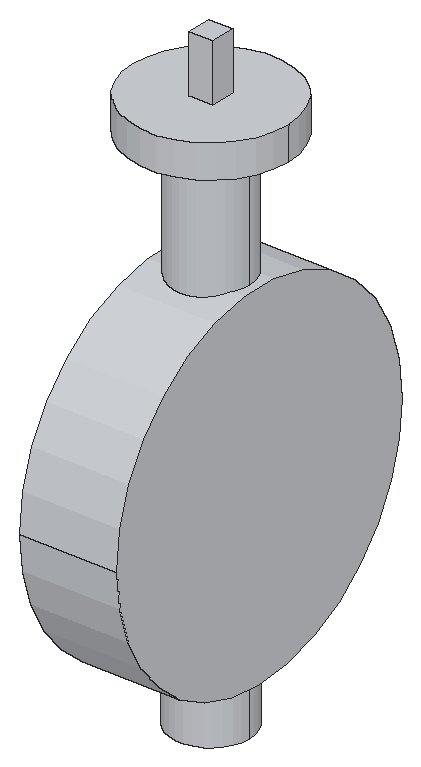
Revit family "HS497-68_disk-nerez_volné vřeteno DN150-RFA_2019", category Pipe Accessories, Revit 2019
Family settings
  Round Connector Dimension = Use Diameter
  Part Type = Valve - Breaks Into
  Work Plane-Based = No
  Always vertical = Yes
  Cut with Voids When Loaded = No
  Shared = No
Parameters (values of type "HS 497-68_DN150_PN16_volné vřeteno")
  magiProductId = "50c80cb8ab434f55ab7796e5ac1331"
  magiProductFamilyId = "53cea81e6f374d17b8841d9c72ad77"
  magiPartTypeId = 305
  isMeasuringValve [instance] = no
  ang2D [instance] = 0.00°
  X11 = 61.456 mm
  X1 = 25.456 mm
  W2D = 1000 mm
  VersionID = "2.0/2017.9.26.1/ZETKAMA_497_001"
  Use Minimum Symbol Size [instance] = yes
  URL = "http://www.hydronic.cz"
  Type Comments = "mezipřírubová; nerezový disk; PN16; -10~+110°C (krátkodobě +120°C)"
  SW30 = no
  SW3 = no
  SW21 = no
  SW20 = no
  SW2 = no
  SW1 = yes
  R = 75 mm
  QmdConnectorList = "301;D;302;D"
  Productdata [instance] = ""
  NC = 50 mm
  Manufacturer = "Hydronic Systems Prague s.r.o."
  MM20 = 25.456 mm
  MC Product Code = "124 150 (nerezový disk, s volným vřetenem; DN150; PN16, kvs1347)"
  M41 = 66 mm
  M4 = 44 mm
  LHL = 220 mm
  LHH3 = 2.45 mm
  LHH1 = 46.55 mm
  LH1 = 73.333 mm
  L4R__ve = -L4R  # -12.8 mm
  L4R = 12.8 mm
  L42__ve = -L42  # -96 mm
  L42 = 96 mm
  L41__ve = -L41  # -19.2 mm
  L41 = 19.2 mm
  L2D_Min = 3048 mm
  L2D = 216 mm
  L2 = 28 mm
  L1 = 44.8 mm
  L = 56 mm
  H = 33 mm
  G22 = 11.25 mm
  G2 = 22.5 mm
  G1 = 90 mm
  G = 90 mm
  F = 14 mm
  E44 = 31.25 mm
  E42 = 62.5 mm
  E4 = 125 mm
  E23 = 4.9 mm
  E22 = 19.6 mm
  E21 = 9.8 mm
  Description = "Mezipřírubová uzavírací klapka s volným vřetenem; nerezový disk, DN150; PN16; kvs1347"
  DR2 = 75 mm
  DR = 206 mm
  DD1 = 15.625 mm
  DD = 12.5 mm
  D = 150 mm
  CAT0 = yes
  B2__ve = -B2  # -58 mm
  B2 = 58 mm
  A2 = 19.3 mm
  A1 = 98.7 mm
Types (43, lengths in mm): name | magiProductId | X11 | X1 | Type Comments | SW30 | SW3 | SW20 | SW2 | SW1 | R | NC | Manufacturer | MM20 | MC Product Code | M41 | M4 | LHL | LHH3 | LHH1 | LH1 | L4R__ve | L4R | L42__ve | L42 | L41__ve | L41 | L2 | L1 | L | H | G | F | E44 | E42 | E4 | E23 | E22 | E21 | Description | DR2 | DR | DD1 | DD | D | B2__ve | B2 | A2 | A1
  HS 497-68_DN100_PN16_volné vřeteno | "65d1b245f4f142c78569c0602d5754" | 61.456 | 25.456 | "mezipřírubová; nerezový disk; PN16; -10~+110°C (krátkodobě +120°C)" | no | no | no | no | yes | 50 | 50 | "Hydronic Systems Prague s.r.o." | 25.456 | "124 100 (nerezový disk, s volným vřetenem; DN100; PN16, kvs512)" | 66 | 44 | 220 | 2.45 | 46.55 | 73.333 | -12.8 | 12.8 | -96 | 96 | -19.2 | 19.2 | 26 | 41.6 | 52 | 30 | 90 | 11 | 31.25 | 62.5 | 125 | 4.9 | 19.6 | 9.8 | "Mezipřírubová uzavírací klapka s volným vřetenem; nerezový disk, DN100; PN16; kvs512" | 50 | 147 | 15.625 | 12.5 | 100 | -56 | 56 | 16.5 | 98.5
  HS 497-68_DN100_PN16_převodové kolo | "11e91b807e674d428c8e796fcdcfe2" | 61.456 | 25.456 | "mezipřírubová; nerezový disk; PN16; -10~+110°C (krátkodobě +120°C)" | yes | yes | no | no | no | 50 | 50 | "Hydronic Systems Prague s.r.o." | 25.456 | "126 100 (nerezový disk, s převodovým kolem; DN100; PN16, kvs512)" | 65.25 | 43.5 | 220 | 2.45 | 46.55 | 73.333 | -12.8 | 12.8 | -96 | 96 | -19.2 | 19.2 | 26 | 41.6 | 52 | 30 | 90 | 11 | 31.25 | 62.5 | 125 | 4.9 | 19.6 | 9.8 | "Mezipřírubová uzavírací klapka s převodovým kolem; nerezový disk, DN100; PN16; kvs512" | 50 | 147 | 15.625 | 12.5 | 100 | -56 | 56 | 16.5 | 98.5
  HS 497-68_DN100_PN16_s pákou | "28172f0b3f4b47b28323ac71cf8749" | 61.456 | 25.456 | "mezipřírubová; nerezový disk; PN16; -10~+110°C (krátkodobě +120°C)" | no | no | yes | yes | no | 50 | 50 | "Hydronic Systems Prague s.r.o." | 25.456 | "121 100 (nerezový disk, s pákou; DN100; PN16, kvs512)" | 66 | 44 | 260 | 3 | 57 | 86.667 | -12.8 | 12.8 | -96 | 96 | -19.2 | 19.2 | 26 | 41.6 | 52 | 30 | 90 | 11 | 31.25 | 62.5 | 125 | 6 | 24 | 12 | "Mezipřírubová uzavírací klapka s pákou; nerezový disk, DN100; PN16; kvs512" | 50 | 147 | 15.625 | 12.5 | 100 | -56 | 56 | 16.5 | 98.5
  HS 497-68_DN125_PN16_volné vřeteno | "0d813d910fc14f628bb3c2efbd185c" | 61.456 | 25.456 | "mezipřírubová; nerezový disk; PN16; -10~+110°C (krátkodobě +120°C)" | no | no | no | no | yes | 62.5 | 50 | "Hydronic Systems Prague s.r.o." | 25.456 | "124 125 (nerezový disk, s volným vřetenem; DN125; PN16, kvs872)" | 66 | 44 | 220 | 2.45 | 46.55 | 73.333 | -12.8 | 12.8 | -96 | 96 | -19.2 | 19.2 | 28 | 44.8 | 56 | 33 | 90 | 14 | 31.25 | 62.5 | 125 | 4.9 | 19.6 | 9.8 | "Mezipřírubová uzavírací klapka s volným vřetenem; nerezový disk, DN125; PN16; kvs872" | 62.5 | 180 | 15.625 | 12.5 | 125 | -64 | 64 | 18 | 99.5
  HS 497-68_DN125_PN16_převodové kolo | "c56b7c13f372467684996fb1e0e229" | 61.456 | 25.456 | "mezipřírubová; nerezový disk; PN16; -10~+110°C (krátkodobě +120°C)" | yes | yes | no | no | no | 62.5 | 50 | "Hydronic Systems Prague s.r.o." | 25.456 | "126125 (nerezový disk, s převodovým kolem; DN125; PN16, kvs872)" | 65.25 | 43.5 | 220 | 2.45 | 46.55 | 73.333 | -13.5 | 13.5 | -101.25 | 101.25 | -20.25 | 20.25 | 28 | 44.8 | 56 | 33 | 90 | 14 | 40 | 80 | 160 | 4.9 | 19.6 | 9.8 | "Mezipřírubová uzavírací klapka s převodovým kolem; nerezový disk, DN125; PN16; kvs872" | 62.5 | 180 | 20 | 16 | 125 | -64 | 64 | 18 | 99.5
  HS 497-68_DN125_PN16_s pákou | "105993c79a91492399feef7931321a" | 61.456 | 25.456 | "mezipřírubová; nerezový disk; PN16; -10~+110°C (krátkodobě +120°C)" | no | no | yes | yes | no | 62.5 | 50 | "Hydronic Systems Prague s.r.o." | 25.456 | "121 125 (nerezový disk, s pákou; DN125; PN16, kvs872)" | 66 | 44 | 315 | 3.75 | 71.25 | 105 | -12.8 | 12.8 | -96 | 96 | -19.2 | 19.2 | 28 | 44.8 | 56 | 33 | 90 | 14 | 31.25 | 62.5 | 125 | 7.5 | 30 | 15 | "Mezipřírubová uzavírací klapka s pákou; nerezový disk, DN125; PN16; kvs872" | 62.5 | 180 | 15.625 | 12.5 | 125 | -64 | 64 | 18 | 99.5
  HS 497-68_DN150_PN16_volné vřeteno | "50c80cb8ab434f55ab7796e5ac1331" | 61.456 | 25.456 | "mezipřírubová; nerezový disk; PN16; -10~+110°C (krátkodobě +120°C)" | no | no | no | no | yes | 75 | 50 | "Hydronic Systems Prague s.r.o." | 25.456 | "124 150 (nerezový disk, s volným vřetenem; DN150; PN16, kvs1347)" | 66 | 44 | 220 | 2.45 | 46.55 | 73.333 | -12.8 | 12.8 | -96 | 96 | -19.2 | 19.2 | 28 | 44.8 | 56 | 33 | 90 | 14 | 31.25 | 62.5 | 125 | 4.9 | 19.6 | 9.8 | "Mezipřírubová uzavírací klapka s volným vřetenem; nerezový disk, DN150; PN16; kvs1347" | 75 | 206 | 15.625 | 12.5 | 150 | -58 | 58 | 19.3 | 98.7
  HS 497-68_DN150_PN16_převodové kolo | "d94a1a0cf83b476eb10011b327f709" | 61.456 | 25.456 | "mezipřírubová; nerezový disk; PN16; -10~+110°C (krátkodobě +120°C)" | yes | yes | no | no | no | 75 | 50 | "Hydronic Systems Prague s.r.o." | 25.456 | "126 150 (nerezový disk, s převodovým kolem; DN150; PN16, kvs1347)" | 65.25 | 43.5 | 220 | 2.45 | 46.55 | 73.333 | -13.5 | 13.5 | -101.25 | 101.25 | -20.25 | 20.25 | 28 | 44.8 | 56 | 33 | 90 | 14 | 40 | 80 | 160 | 4.9 | 19.6 | 9.8 | "Mezipřírubová uzavírací klapka s převodovým kolem; nerezový disk, DN150; PN16; kvs1347" | 75 | 206 | 20 | 16 | 150 | -58 | 58 | 19.3 | 98.7
  HS 497-68_DN150_PN16_s pákou | "4d2835523fe84828bc50ff0a5a0dfb" | 61.456 | 25.456 | "mezipřírubová; nerezový disk; PN16; -10~+110°C (krátkodobě +120°C)" | no | no | yes | yes | no | 75 | 50 | "Hydronic Systems Prague s.r.o." | 25.456 | "121 150 (nerezový disk, s pákou; DN150; PN16, kvs1347)" | 66 | 44 | 315 | 3.75 | 71.25 | 105 | -12.8 | 12.8 | -96 | 96 | -19.2 | 19.2 | 28 | 44.8 | 56 | 33 | 90 | 14 | 31.25 | 62.5 | 125 | 7.5 | 30 | 15 | "Mezipřírubová uzavírací klapka s pákou; nerezový disk, DN150; PN16; kvs1347" | 75 | 206 | 15.625 | 12.5 | 150 | -58 | 58 | 19.3 | 98.7
  HS 497-68_DN200_PN16_volné vřeteno | "5b29029eaeba47139ee1055a4b9201" | 61.456 | 25.456 | "mezipřírubová; nerezový disk; PN16; -10~+110°C (krátkodobě +120°C)" | no | no | no | no | yes | 100 | 50 | "Hydronic Systems Prague s.r.o." | 25.456 | "124 200 (nerezový disk, s volným vřetenem; DN200; PN16, kvs2675)" | 66 | 44 | 220 | 2.45 | 46.55 | 73.333 | -12.8 | 12.8 | -96 | 96 | -19.2 | 19.2 | 30 | 48 | 60 | 33 | 90 | 17 | 31.25 | 62.5 | 125 | 4.9 | 19.6 | 9.8 | "Mezipřírubová uzavírací klapka s volným vřetenem; nerezový disk, DN200; PN16; kvs2675" | 100 | 257 | 15.625 | 12.5 | 200 | -70 | 70 | 22.5 | 102.5
  HS 497-68_DN200_PN16_převodové kolo | "b2793cc1fcc44cf2a35062cd67c04f" | 61.456 | 25.456 | "mezipřírubová; nerezový disk; PN16; -10~+110°C (krátkodobě +120°C)" | yes | yes | no | no | no | 100 | 57 | "Hydronic Systems Prague s.r.o." | 25.456 | "126 200 (nerezový disk, s převodovým kolem; DN200; PN16, kvs2675)" | 78.75 | 52.5 | 220 | 2.45 | 46.55 | 73.333 | -15.2 | 15.2 | -114 | 114 | -22.8 | 22.8 | 30 | 48 | 60 | 33 | 90 | 17 | 50 | 100 | 200 | 4.9 | 19.6 | 9.8 | "Mezipřírubová uzavírací klapka s převodovým kolem; nerezový disk, DN200; PN16; kvs2675" | 100 | 257 | 25 | 20 | 200 | -70 | 70 | 22.5 | 102.5
  HS 497-68_DN200_PN16_s pákou | "f88d96c7af224537a51e72d7d8fffe" | 61.456 | 25.456 | "mezipřírubová; nerezový disk; PN16; -10~+110°C (krátkodobě +120°C)" | no | no | yes | yes | no | 100 | 50 | "Hydronic Systems Prague s.r.o." | 25.456 | "121 200 (nerezový disk, s pákou; DN200; PN16, kvs2675)" | 66 | 44 | 315 | 3.75 | 71.25 | 105 | -12.8 | 12.8 | -96 | 96 | -19.2 | 19.2 | 30 | 48 | 60 | 33 | 90 | 17 | 31.25 | 62.5 | 125 | 7.5 | 30 | 15 | "Mezipřírubová uzavírací klapka s pákou; nerezový disk, DN200; PN16; kvs2675" | 100 | 257 | 15.625 | 12.5 | 200 | -70 | 70 | 22.5 | 102.5
  HS 497-68_DN250_PN16_volné vřeteno | "b662e8305ca2402b9c510e66e6aa55" | 88.77 | 36.77 | "mezipřírubová; nerezový disk; PN16; -10~+110°C (krátkodobě +120°C)" | no | no | no | no | yes | 125 | 50 | "Hydronic Systems Prague s.r.o." | 36.77 | "124 250 (nerezový disk, s volným vřetenem; DN250; PN16, kvs4555)" | 66 | 44 | 220 | 2.45 | 46.55 | 73.333 | -12.8 | 12.8 | -96 | 96 | -19.2 | 19.2 | 34 | 54.4 | 68 | 23 | 130 | 22 | 31.25 | 62.5 | 125 | 4.9 | 19.6 | 9.8 | "Mezipřírubová uzavírací klapka s volným vřetenem; nerezový disk, DN250; PN16; kvs4555" | 125 | 324 | 15.625 | 12.5 | 250 | -85 | 85 | 28.25 | 129.25
  HS 497-68_DN250_PN16_převodové kolo | "5ee9016806664ddfaa2632711f295c" | 88.77 | 36.77 | "mezipřírubová; nerezový disk; PN16; -10~+110°C (krátkodobě +120°C)" | yes | yes | no | no | no | 125 | 70 | "Hydronic Systems Prague s.r.o." | 36.77 | "126 250 (nerezový disk, s převodovým kolem; DN250; PN16, kvs4555)" | 91.5 | 61 | 220 | 2.45 | 46.55 | 73.333 | -22.2 | 22.2 | -166.5 | 166.5 | -33.3 | 33.3 | 34 | 54.4 | 68 | 23 | 130 | 22 | 62.5 | 125 | 250 | 4.9 | 19.6 | 9.8 | "Mezipřírubová uzavírací klapka s převodovým kolem; nerezový disk, DN250; PN16; kvs4555" | 125 | 324 | 31.25 | 25 | 250 | -85 | 85 | 28.25 | 129.25
  HS 497-68_DN300_PN16_volné vřeteno | "e1886f51ff004380a649519258edf2" | 88.77 | 36.77 | "mezipřírubová; nerezový disk; PN16; -10~+110°C (krátkodobě +120°C)" | no | no | no | no | yes | 150 | 50 | "Hydronic Systems Prague s.r.o." | 36.77 | "124 300 (nerezový disk, s volným vřetenem; DN300; PN16, kvs7037)" | 66 | 44 | 220 | 2.45 | 46.55 | 73.333 | -12.8 | 12.8 | -96 | 96 | -19.2 | 19.2 | 39 | 62.4 | 78 | 23 | 130 | 22 | 31.25 | 62.5 | 125 | 4.9 | 19.6 | 9.8 | "Mezipřírubová uzavírací klapka s volným vřetenem; nerezový disk, DN300; PN16; kvs7037" | 150 | 376 | 15.625 | 12.5 | 300 | -90 | 90 | 30.8 | 127.2
  HS 497-68_DN300_PN16_převodové kolo | "6860f094f77d42088fbebc3c97f755" | 88.77 | 36.77 | "mezipřírubová; nerezový disk; PN16; -10~+110°C (krátkodobě +120°C)" | yes | yes | no | no | no | 150 | 70 | "Hydronic Systems Prague s.r.o." | 36.77 | "126 300 (nerezový disk, s převodovým kolem; DN300; PN16, kvs7037)" | 91.5 | 61 | 220 | 2.45 | 46.55 | 73.333 | -22.2 | 22.2 | -166.5 | 166.5 | -33.3 | 33.3 | 39 | 62.4 | 78 | 23 | 130 | 22 | 62.5 | 125 | 250 | 4.9 | 19.6 | 9.8 | "Mezipřírubová uzavírací klapka s převodovým kolem; nerezový disk, DN300; PN16; kvs7037" | 150 | 376 | 31.25 | 25 | 300 | -90 | 90 | 30.8 | 127.2
  HS 497-68_DN032_PN16_volné vřeteno | "8c5f65de52aa4067a77564107e31b2" | 61.456 | 25.456 | "mezipřírubová; nerezový disk; PN16; -10~+110°C (krátkodobě +120°C)" | no | no | no | no | yes | 16 | 50 | "Hydronic Systems Prague s.r.o." | 25.456 | "124 032 (nerezový disk, s volným vřetenem; DN32; PN16, kvs78)" | 66 | 44 | 220 | 2.45 | 46.55 | 73.333 | -12.8 | 12.8 | -96 | 96 | -19.2 | 19.2 | 16.5 | 26.4 | 33 | 30 | 90 | 11 | 31.25 | 62.5 | 125 | 4.9 | 19.6 | 9.8 | "Mezipřírubová uzavírací klapka s volným vřetenem; nerezový disk, DN32; PN16; kvs78" | 16 | 68 | 15.625 | 12.5 | 32 | -44.2 | 44.2 | 10.25 | 76.25
  HS 497-68_DN032_PN16_převodové kolo | "60aaeffa8b3a4e809ef000e4660060" | 61.456 | 25.456 | "mezipřírubová; nerezový disk; PN16; -10~+110°C (krátkodobě +120°C)" | yes | yes | no | no | no | 16 | 50 | "Hydronic Systems Prague s.r.o." | 25.456 | "126 032 (nerezový disk, s převodovým kolem; DN32; PN16, kvs78)" | 65.25 | 43.5 | 220 | 2.45 | 46.55 | 73.333 | -12.8 | 12.8 | -96 | 96 | -19.2 | 19.2 | 16.5 | 26.4 | 33 | 30 | 90 | 11 | 31.25 | 62.5 | 125 | 4.9 | 19.6 | 9.8 | "Mezipřírubová uzavírací klapka s převodovým kolem; nerezový disk, DN32; PN16; kvs78" | 16 | 68 | 15.625 | 12.5 | 32 | -44.2 | 44.2 | 10.25 | 76.25
  HS 497-68_DN032_PN16_s pákou | "9ad8088d610749a1b871aa2aad8007" | 61.456 | 25.456 | "mezipřírubová; nerezový disk; PN16; -10~+110°C (krátkodobě +120°C)" | no | no | yes | yes | no | 16 | 50 | "Hydronic Systems Prague s.r.o." | 25.456 | "121 032 (nerezový disk, s pákou; DN32; PN16, kvs78)" | 66 | 44 | 220 | 2.45 | 46.55 | 73.333 | -12.8 | 12.8 | -96 | 96 | -19.2 | 19.2 | 16.5 | 26.4 | 33 | 30 | 90 | 11 | 31.25 | 62.5 | 125 | 4.9 | 19.6 | 9.8 | "Mezipřírubová uzavírací klapka s pákou; nerezový disk, DN32; PN16; kvs78" | 16 | 68 | 15.625 | 12.5 | 32 | -44.2 | 44.2 | 10.25 | 76.25
  HS 497-68_DN350_PN10_volné vřeteno | "72a1e05f22944421b7e9596a877137" | 109.255 | 45.255 | "mezipřírubová; nerezový disk; PN10; -10~+110°C (krátkodobě +120°C)" | no | no | no | no | yes | 175 | 50 | "Hydronic Systems Prague s.r.o." | 45.255 | "124 350 (nerezový disk, s volným vřetenem; DN350; PN10, kvs10165)" | 66 | 44 | 220 | 2.45 | 46.55 | 73.333 | -12.8 | 12.8 | -96 | 96 | -19.2 | 19.2 | 39 | 62.4 | 78 | 31 | 160 | 22 | 31.25 | 62.5 | 125 | 4.9 | 19.6 | 9.8 | "Mezipřírubová uzavírací klapka s volným vřetenem; nerezový disk, DN350; PN10; kvs10165" | 175 | 430 | 15.625 | 12.5 | 350 | -88 | 88 | 33.85 | 129.65
  HS 497-68_DN350_PN10_převodové kolo | "a5a01426cb28494ba3afca92f1dace" | 109.255 | 45.255 | "mezipřírubová; nerezový disk; PN10; -10~+110°C (krátkodobě +120°C)" | yes | yes | no | no | no | 175 | 70 | "Hydronic Systems Prague s.r.o." | 45.255 | "126 350 (nerezový disk, s převodovým kolem; DN350; PN10, kvs10165)" | 91.5 | 61 | 220 | 2.45 | 46.55 | 73.333 | -22.2 | 22.2 | -166.5 | 166.5 | -33.3 | 33.3 | 39 | 62.4 | 78 | 31 | 160 | 22 | 62.5 | 125 | 250 | 4.9 | 19.6 | 9.8 | "Mezipřírubová uzavírací klapka s převodovým kolem; nerezový disk, DN350; PN10; kvs10165" | 175 | 430 | 31.25 | 25 | 350 | -88 | 88 | 33.85 | 129.65
  HS 497-68_DN400_PN10_volné vřeteno | "c70ebeb927c04ab99b176e257ad0a7" | 109.255 | 45.255 | "mezipřírubová; nerezový disk; PN10; -10~+110°C (krátkodobě +120°C)" | no | no | no | no | yes | 200 | 50 | "Hydronic Systems Prague s.r.o." | 45.255 | "124 400 (nerezový disk, s volným vřetenem; DN400; PN10, kvs13799)" | 66 | 44 | 220 | 2.45 | 46.55 | 73.333 | -12.8 | 12.8 | -96 | 96 | -19.2 | 19.2 | 51 | 81.6 | 102 | 31 | 160 | 27 | 31.25 | 62.5 | 125 | 4.9 | 19.6 | 9.8 | "Mezipřírubová uzavírací klapka s volným vřetenem; nerezový disk, DN400; PN10; kvs13799" | 200 | 485 | 15.625 | 12.5 | 400 | -108 | 108 | 38 | 142
  HS 497-68_DN400_PN10_převodové kolo | "cc64a4384dcb41b780d81810f4f293" | 109.255 | 45.255 | "mezipřírubová; nerezový disk; PN10; -10~+110°C (krátkodobě +120°C)" | yes | yes | no | no | no | 200 | 72.5 | "Hydronic Systems Prague s.r.o." | 45.255 | "126 400 (nerezový disk, s převodovým kolem; DN400; PN10, kvs13799)" | 103.5 | 69 | 220 | 2.45 | 46.55 | 73.333 | -27.8 | 27.8 | -208.5 | 208.5 | -41.7 | 41.7 | 51 | 81.6 | 102 | 31 | 160 | 27 | 75 | 150 | 300 | 4.9 | 19.6 | 9.8 | "Mezipřírubová uzavírací klapka s převodovým kolem; nerezový disk, DN400; PN10; kvs13799" | 200 | 485 | 37.5 | 30 | 400 | -108 | 108 | 38 | 142
  HS 497-68_DN040_PN16_volné vřeteno | "35f92312390745e88df5b5c325d9ee" | 61.456 | 25.456 | "mezipřírubová; nerezový disk; PN16; -10~+110°C (krátkodobě +120°C)" | no | no | no | no | yes | 20 | 50 | "Hydronic Systems Prague s.r.o." | 25.456 | "124 040 (nerezový disk, s volným vřetenem; DN40; PN16, kvs78)" | 66 | 44 | 220 | 2.45 | 46.55 | 73.333 | -12.8 | 12.8 | -96 | 96 | -19.2 | 19.2 | 16.5 | 26.4 | 33 | 30 | 90 | 11 | 31.25 | 62.5 | 125 | 4.9 | 19.6 | 9.8 | "Mezipřírubová uzavírací klapka s volným vřetenem; nerezový disk, DN40; PN16; kvs78" | 20 | 76 | 15.625 | 12.5 | 40 | -36 | 36 | 11 | 79
  HS 497-68_DN040_PN16_převodové kolo | "d88e968eae3445bc9b7b4e6ff35127" | 61.456 | 25.456 | "mezipřírubová; nerezový disk; PN16; -10~+110°C (krátkodobě +120°C)" | yes | yes | no | no | no | 20 | 50 | "Hydronic Systems Prague s.r.o." | 25.456 | "126 040 (nerezový disk, s převodovým kolem; DN40; PN16, kvs78)" | 65.25 | 43.5 | 220 | 2.45 | 46.55 | 73.333 | -12.8 | 12.8 | -96 | 96 | -19.2 | 19.2 | 16.5 | 26.4 | 33 | 30 | 90 | 11 | 31.25 | 62.5 | 125 | 4.9 | 19.6 | 9.8 | "Mezipřírubová uzavírací klapka s převodovým kolem; nerezový disk, DN40; PN16; kvs78" | 20 | 76 | 15.625 | 12.5 | 40 | -36 | 36 | 11 | 79
  HS 497-68_DN040_PN16_s pákou | "c1b522ca65b4407a98818f232eaacb" | 61.456 | 25.456 | "mezipřírubová; nerezový disk; PN16; -10~+110°C (krátkodobě +120°C)" | no | no | yes | yes | no | 20 | 50 | "Hydronic Systems Prague s.r.o." | 25.456 | "121 040 (nerezový disk, s pákou; DN40; PN16, kvs78)" | 66 | 44 | 220 | 2.45 | 46.55 | 73.333 | -12.8 | 12.8 | -96 | 96 | -19.2 | 19.2 | 16.5 | 26.4 | 33 | 30 | 90 | 11 | 31.25 | 62.5 | 125 | 4.9 | 19.6 | 9.8 | "Mezipřírubová uzavírací klapka s pákou; nerezový disk, DN40; PN16; kvs78" | 20 | 76 | 15.625 | 12.5 | 40 | -36 | 36 | 11 | 79
  HS 497-68_DN450_PN10_volné vřeteno | "a8358bc282f14872b3194e530e590a" | 129.74 | 53.74 | "mezipřírubová; nerezový disk; PN10; -10~+110°C (krátkodobě +120°C)" | no | no | no | no | yes | 225 | 50 | "Hydronic Systems Prague s.r.o." | 53.74 | "124 450 (nerezový disk, s volným vřetenem; DN450; PN10, kvs18514)" | 66 | 44 | 220 | 2.45 | 46.55 | 73.333 | -12.8 | 12.8 | -96 | 96 | -19.2 | 19.2 | 57 | 91.2 | 114 | 38 | 190 | 36 | 31.25 | 62.5 | 125 | 4.9 | 19.6 | 9.8 | "Mezipřírubová uzavírací klapka s volným vřetenem; nerezový, DN450; PN10; kvs18514" | 225 | 536 | 15.625 | 12.5 | 450 | -115 | 115 | 38.05 | 117.45
  HS 497-68_DN450_PN10_převodové kolo | "cdf2d80f54a9414f9cbe50647c0ebd" | 129.74 | 53.74 | "mezipřírubová; nerezový disk; PN10; -10~+110°C (krátkodobě +120°C)" | yes | yes | no | no | no | 225 | 91.5 | "Zetkama" | 53.74 | "126 450 (nerezový disk, s převodovým kolem; DN450; PN10, kvs18514)" | 144.75 | 96.5 | 220 | 2.45 | 46.55 | 73.333 | -32.1 | 32.1 | -240.75 | 240.75 | -48.15 | 48.15 | 57 | 91.2 | 114 | 38 | 190 | 36 | 100 | 200 | 400 | 4.9 | 19.6 | 9.8 | "Mezipřírubová uzavírací klapka s převodovým kolem; nerezový disk, DN450; PN10; kvs18514" | 225 | 536 | 50 | 40 | 450 | -115 | 115 | 38.05 | 117.45
  HS 497-68_DN500_PN10_volné vřeteno | "8c396e27bb2743f98f3c762b6517cd" | 143.397 | 59.397 | "mezipřírubová; nerezový disk; PN10; -10~+110°C (krátkodobě +120°C)" | no | no | no | no | yes | 250 | 50 | "Hydronic Systems Prague s.r.o." | 59.397 | "124 500 (nerezový disk, s volným vřetenem; DN500; PN10, kvs23805)" | 66 | 44 | 220 | 2.45 | 46.55 | 73.333 | -12.8 | 12.8 | -96 | 96 | -19.2 | 19.2 | 63.5 | 101.6 | 127 | 38 | 210 | 36 | 31.25 | 62.5 | 125 | 4.9 | 19.6 | 9.8 | "Mezipřírubová uzavírací klapka s volným vřetenem; nerezový disk, DN500; PN10; kvs23805" | 250 | 593 | 15.625 | 12.5 | 500 | -130 | 130 | 43.25 | 139.25
  HS 497-68_DN500_PN10_převodové kolo | "7647804f32e94cef828a7034a91a46" | 143.397 | 59.397 | "mezipřírubová; nerezový disk; PN10; -10~+110°C (krátkodobě +120°C)" | yes | yes | no | no | no | 250 | 91.5 | "Zetkama" | 59.397 | "126 500 (nerezový disk, s převodovým kolem; DN500; PN10, kvs23805)" | 144.75 | 96.5 | 220 | 2.45 | 46.55 | 73.333 | -32.1 | 32.1 | -240.75 | 240.75 | -48.15 | 48.15 | 63.5 | 101.6 | 127 | 38 | 210 | 36 | 100 | 200 | 400 | 4.9 | 19.6 | 9.8 | "Mezipřírubová uzavírací klapka s převodovým kolem; nerezový disk, DN500; PN10; kvs23805" | 250 | 593 | 50 | 40 | 500 | -130 | 130 | 43.25 | 139.25
  HS 497-68_DN050_volné vřeteno | "d71f296ecd6d4adf8f6e5d9853b4e0" | 61.456 | 25.456 | "mezipřírubová; nerezový disk; PN16; -10~+110°C (krátkodobě +120°C)" | no | no | no | no | yes | 25 | 50 | "Hydronic Systems Prague s.r.o." | 25.456 | "124 050 (nerezový disk, s volným vřetenem; DN50; PN16, kvs98)" | 66 | 44 | 220 | 2.45 | 46.55 | 73.333 | -12.8 | 12.8 | -96 | 96 | -19.2 | 19.2 | 21.5 | 34.4 | 43 | 30 | 90 | 11 | 31.25 | 62.5 | 125 | 4.9 | 19.6 | 9.8 | "Mezipřírubová uzavírací klapka s volným vřetenem; nerezový disk, DN50; PN16; kvs98" | 25 | 100 | 15.625 | 12.5 | 50 | -36.5 | 36.5 | 12 | 83
  HS 497-68_DN050_PN16_převodové kolo | "2fb080deeaed49c58418b94c1da5a4" | 61.456 | 25.456 | "mezipřírubová; nerezový disk; PN16; -10~+110°C (krátkodobě +120°C)" | yes | yes | no | no | no | 25 | 50 | "Hydronic Systems Prague s.r.o." | 25.456 | "126 050 (nerezový disk, s převodovým kolem; DN50; PN16, kvs98)" | 65.25 | 43.5 | 220 | 2.45 | 46.55 | 73.333 | -12.8 | 12.8 | -96 | 96 | -19.2 | 19.2 | 21.5 | 34.4 | 43 | 30 | 90 | 11 | 31.25 | 62.5 | 125 | 4.9 | 19.6 | 9.8 | "Mezipřírubová uzavírací klapka s převodovým kolem; nerezový disk, DN50; PN16; kvs98" | 25 | 100 | 15.625 | 12.5 | 50 | -36.5 | 36.5 | 12 | 83
  HS 497-68_DN050_PN16_s pákou | "dabc632061f94877a994b9b4e68112" | 61.456 | 25.456 | "mezipřírubová; nerezový disk; PN16; -10~+110°C (krátkodobě +120°C)" | no | no | yes | yes | no | 25 | 50 | "Hydronic Systems Prague s.r.o." | 25.456 | "121 050 (nerezový disk, s pákou; DN50; PN16, kvs98)" | 66 | 44 | 220 | 2.45 | 46.55 | 73.333 | -12.8 | 12.8 | -96 | 96 | -19.2 | 19.2 | 21.5 | 34.4 | 43 | 30 | 90 | 11 | 31.25 | 62.5 | 125 | 4.9 | 19.6 | 9.8 | "Mezipřírubová uzavírací klapka s pákou; nerezový disk, DN50; PN16; kvs98" | 25 | 100 | 15.625 | 12.5 | 50 | -36.5 | 36.5 | 12 | 83
  HS 497-68_DN600_PN10_volné vřeteno | "99d5892c14664fce81a7c5903f7711" | 143.397 | 59.397 | "mezipřírubová; nerezový disk; PN10; -10~+110°C (krátkodobě +120°C)" | no | no | no | no | yes | 300 | 50 | "Hydronic Systems Prague s.r.o." | 59.397 | "124 600 (nerezový disk, s volným vřetenem; DN600; PN10, kvs36778)" | 66 | 44 | 220 | 2.45 | 46.55 | 73.333 | -12.8 | 12.8 | -96 | 96 | -19.2 | 19.2 | 77 | 123.2 | 154 | 80 | 210 | 60 | 31.25 | 62.5 | 125 | 4.9 | 19.6 | 9.8 | "Mezipřírubová uzavírací klapka s volným vřetenem; nerezový disk, DN600; PN10; kvs36788" | 300 | 690 | 15.625 | 12.5 | 600 | -140 | 140 | 49.4 | 144.6
  HS 497-68_DN600_PN10_převodové kolo | "b1e26faab48a4c499f6bb11e7e3002" | 143.397 | 59.397 | "mezipřírubová; lnerezový disk; PN10; -10~+110°C (krátkodobě +120°C)" | yes | yes | no | no | no | 300 | 140 | "Hydronic Systems Prague s.r.o." | 59.397 | "126 600 (nerezový disk, s převodovým kolem; DN600; PN10, kvs36778)" | 206.25 | 137.5 | 220 | 2.45 | 46.55 | 73.333 | -40.8 | 40.8 | -306 | 306 | -61.2 | 61.2 | 77 | 123.2 | 154 | 80 | 210 | 60 | 125 | 250 | 500 | 4.9 | 19.6 | 9.8 | "Mezipřírubová uzavírací klapka s převodovým kolem; nerezový disk, DN600; PN10; kvs36788" | 300 | 690 | 62.5 | 50 | 600 | -140 | 140 | 49.4 | 144.6
  HS 497-68_DN065_PN16_volné vřeteno | "5e5e208646e34ec29f889baab5d08e" | 61.456 | 25.456 | "mezipřírubová; lnerezový disk; PN16; -10~+110°C (krátkodobě +120°C)" | no | no | no | no | yes | 32.5 | 50 | "Hydronic Systems Prague s.r.o." | 25.456 | "124 065 (nerezový disk, s volným vřetenem; DN65; PN16, kvs167)" | 66 | 44 | 220 | 2.45 | 46.55 | 73.333 | -12.8 | 12.8 | -96 | 96 | -19.2 | 19.2 | 23 | 36.8 | 46 | 30 | 90 | 11 | 31.25 | 62.5 | 125 | 4.9 | 19.6 | 9.8 | "Mezipřírubová uzavírací klapka s volným vřetenem; nerezový disk, DN65; PN16; kv167" | 32.5 | 108 | 15.625 | 12.5 | 65 | -36.5 | 36.5 | 13.5 | 89
  HS 497-68_DN065_PN16_převodové kolo | "654d74c8d15540b0bfe523d988ccb3" | 61.456 | 25.456 | "mezipřírubová; nerezový disk; PN16; -10~+110°C (krátkodobě +120°C)" | yes | yes | no | no | no | 32.5 | 50 | "Hydronic Systems Prague s.r.o." | 25.456 | "126 065 (nerezový disk, s převodovým kolem; DN65; PN16, kvs167)" | 65.25 | 43.5 | 220 | 2.45 | 46.55 | 73.333 | -12.8 | 12.8 | -96 | 96 | -19.2 | 19.2 | 23 | 36.8 | 46 | 30 | 90 | 11 | 31.25 | 62.5 | 125 | 4.9 | 19.6 | 9.8 | "Mezipřírubová uzavírací klapka s převodovým kolem; nerezový disk, DN65; PN16; kvs167" | 32.5 | 108 | 15.625 | 12.5 | 65 | -36.5 | 36.5 | 13.5 | 89
  HS 497-68_DN065_PN16_s pákou | "ebeb4b59db0641caaf6d6635ab37b9" | 61.456 | 25.456 | "mezipřírubová; nerezový disk; PN16; -10~+110°C (krátkodobě +120°C)" | no | no | yes | yes | no | 32.5 | 50 | "Hydronic Systems Prague s.r.o." | 25.456 | "121 065 (nerezový disk, s pákou; DN65; PN16, kvs167)" | 66 | 44 | 220 | 2.45 | 46.55 | 73.333 | -12.8 | 12.8 | -96 | 96 | -19.2 | 19.2 | 23 | 36.8 | 46 | 30 | 90 | 11 | 31.25 | 62.5 | 125 | 4.9 | 19.6 | 9.8 | "Mezipřírubová uzavírací klapka s pákou; nerezový disk, DN65; PN16; kvs167" | 32.5 | 108 | 15.625 | 12.5 | 65 | -36.5 | 36.5 | 13.5 | 89
  HS 497-68_DN080_PN16_volné vřeteno | "9e85c75c18654e1185a9c48ed6b00e" | 61.456 | 25.456 | "mezipřírubová; nerezový disk; PN16; -10~+110°C (krátkodobě +120°C)" | no | no | no | no | yes | 40 | 50 | "Hydronic Systems Prague s.r.o." | 25.456 | "124 080 (nerezový disk, s volným vřetenem; DN80; PN16, kvs258)" | 66 | 44 | 220 | 2.45 | 46.55 | 73.333 | -12.8 | 12.8 | -96 | 96 | -19.2 | 19.2 | 23 | 36.8 | 46 | 30 | 90 | 11 | 31.25 | 62.5 | 125 | 4.9 | 19.6 | 9.8 | "Mezipřírubová uzavírací klapka s volným vřetenem; nerezový disk, DN80; PN16; kvs258" | 40 | 124 | 15.625 | 12.5 | 80 | -54 | 54 | 14.1 | 86.9
  HS 497-68_DN080_PN16_převodové kolo | "5b3c8238c3d041e68c75b199e7ea46" | 61.456 | 25.456 | "mezipřírubová; nerezový disk; PN16; -10~+110°C (krátkodobě +120°C)" | yes | yes | no | no | no | 40 | 50 | "Hydronic Systems Prague s.r.o." | 25.456 | "126 080 (nerezový disk, s převodovým kolem; DN80; PN16, kvs258)" | 65.25 | 43.5 | 220 | 2.45 | 46.55 | 73.333 | -12.8 | 12.8 | -96 | 96 | -19.2 | 19.2 | 23 | 36.8 | 46 | 30 | 90 | 11 | 31.25 | 62.5 | 125 | 4.9 | 19.6 | 9.8 | "Mezipřírubová uzavírací klapka s převodovým kolem; nerezový disk, DN80; PN16; kvs258" | 40 | 124 | 15.625 | 12.5 | 80 | -54 | 54 | 14.1 | 86.9
  HS 497-68_DN080_PN16_s pákou | "e414795fab0f4eccb99bc3572c5477" | 61.456 | 25.456 | "mezipřírubová; nerezový disk; PN16; -10~+110°C (krátkodobě +120°C)" | no | no | yes | yes | no | 40 | 50 | "Hydronic Systems Prague s.r.o." | 25.456 | "121 080 (nerezový disk, s pákou; DN80; PN16, kvs258)" | 66 | 44 | 260 | 3 | 57 | 86.667 | -12.8 | 12.8 | -96 | 96 | -19.2 | 19.2 | 23 | 36.8 | 46 | 30 | 90 | 11 | 31.25 | 62.5 | 125 | 6 | 24 | 12 | "Mezipřírubová uzavírací klapka s pákou; nerezový disk, DN80; PN16; kvs258" | 40 | 124 | 15.625 | 12.5 | 80 | -54 | 54 | 14.1 | 86.9
  HS 497-68_DN250_PN16_s pákou | "" | 88.77 | 36.77 | "mezipřírubová; nerezový disk; PN16; -10~+110°C (krátkodobě +120°C)" | no | no | yes | yes | no | 125 | 70 | "Hydronic Systems Prague s.r.o." | 36.77 | "121 250 (nerezový disk, s ákou; DN250; PN16, kvs4555)" | 91.5 | 61 | 220 | 2.45 | 46.55 | 73.333 | -22.2 | 22.2 | -166.5 | 166.5 | -33.3 | 33.3 | 34 | 54.4 | 68 | 23 | 130 | 22 | 62.5 | 125 | 250 | 4.9 | 19.6 | 9.8 | "Mezipřírubová uzavírací klapka s pákou; nerezový disk, DN250; PN16; kvs4555" | 125 | 324 | 31.25 | 25 | 250 | -85 | 85 | 28.25 | 129.25
  HS 497-68_DN300_PN16_s pákou | "" | 88.77 | 36.77 | "mezipřírubová; nerezový disk; PN16; -10~+110°C (krátkodobě +120°C)" | no | no | yes | yes | no | 150 | 70 | "Hydronic Systems Prague s.r.o." | 36.77 | "121 300 (nerezový disk, s pákou; DN300; PN16, kvs7037)" | 91.5 | 61 | 220 | 2.45 | 46.55 | 73.333 | -22.2 | 22.2 | -166.5 | 166.5 | -33.3 | 33.3 | 39 | 62.4 | 78 | 23 | 130 | 22 | 62.5 | 125 | 250 | 4.9 | 19.6 | 9.8 | "Mezipřírubová uzavírací klapka s pákou; nerezový disk, DN300; PN16; kvs7037" | 150 | 376 | 31.25 | 25 | 300 | -90 | 90 | 30.8 | 127.2
Reference planes
  plane 1 "Center (Front/Back)": y = 0
  plane 2 "XYPLANE": z = 0
  plane 3 "Center (Left/Right)": x = 0
  plane 4 "473": x = -25.456
  plane 5 "472": x = -66
  plane 6 "471": y = -25.456
  plane 7 "470": y = 25.456
  plane 8 "469": x = -44
  plane 9 "468": y = -115.2
  plane 10 "467": y = -96
  plane 11 "466": z = 224.25
  plane 12 "465": z = 239.55
  plane 13 "464": y = 145.417
  plane 14 "463": z = 229.75
  plane 15 "462": z = 212.6
  plane 16 "461": z = 222.4
  plane 17 "460": y = 72.083
  plane 18 "459": x = -11.25
  plane 19 "458": x = 11.25
  plane 20 "457": y = -6.25
  plane 21 "456": x = -17.5
  plane 22 "455": x = 17.5
  plane 23 "454": z = 227.3
  plane 24 "453": y = 62.083
  plane 25 "452": y = -11.25
  plane 26 "451": x = -22.5
  plane 27 "450": x = 22.5
  plane 28 "449": z = 207.7
  plane 29 "448": z = 202.8
  plane 30 "447": z = -75
  plane 31 "446": z = 193
  plane 32 "445": z = 173.7
  plane 33 "444": z = 75
  plane 34 "443": x = 28
  plane 35 "442": x = -28
  plane 36 "441": z = 0
  plane 37 "440": y = 0
  plane 38 "439": x = 0
  plane 39 "438": z = 242
  plane 40 "437": z = 227.3
  plane 41 "436": x = 13.7
  plane 42 "435": x = -13.7
  plane 43 "434": y = 220
Forms (mm)
  Extrusion 1, solid, visible <- "SW3"
    sketch origin (-750, 0, 193) x (1, 0, 0) y (0, 1, 0)
      loop
        line (684, 25.456) -> (684, -25.456) -> (724.544, -25.456)
        arc (724.544, -25.456) -> (786, 0) -> (724.544, 25.456) r 36
        line (724.544, 25.456) -> (684, 25.456)
    from 0 to 62.5 <- "E42"
  Extrusion 2, solid, visible <- "SW30"
    sketch origin (0, -750, 0) x (0, 1, 0) y (0, 0, 1)
      loop
        circle (750, 224.25) r 7.813
    from 0 to 50 <- "NC"
  Extrusion 3, solid, visible <- "SW30"
    sketch origin (750, -115.2, 0) x (-1, 0, 0) y (0, 0, 1)
      loop
        circle (794, 224.25) r 62.5
    from 0 to -12.8 <- "L4R__ve"
  Extrusion 4, solid, visible <- "SW3"
    sketch origin (750, -96, 0) x (-1, 0, 0) y (0, 0, 1)
      loop
        circle (794, 224.25) r 7.813
    from 0 to -19.2 <- "L41__ve"
  Extrusion 5, solid, visible <- "SW30"
    sketch origin (750, 0, 0) x (-1, 0, 0) y (0, 0, 1)
      loop
        circle (794, 224.25) r 6.25
    from 0 to -96 <- "L42__ve"
  Blend 6, solid, visible <- "SW21"
    base sketch origin (750, 72.083, 0) x (-1, 0, 0) y (0, 0, 1)
      loop
        line (761.25, 222.4) -> (738.75, 222.4) -> (738.75, 212.6) -> (761.25, 212.6) -> (761.25, 222.4)
    top sketch origin (750, 72.083, 0) x (-1, 0, 0) y (0, 0, 1)
      loop
        line (761.25, 239.55) -> (738.75, 239.55) -> (738.75, 229.75) -> (761.25, 229.75) -> (761.25, 239.55)
    from 0 to 73.333
  Blend 7, solid, visible <- "SW21"
    base sketch origin (750, 62.083, 0) x (-1, 0, 0) y (0, 0, 1)
      loop
        line (761.25, 227.3) -> (738.75, 227.3) -> (738.75, 207.7) -> (761.25, 207.7) -> (761.25, 227.3)
    top sketch origin (750, 62.083, 0) x (-1, 0, 0) y (0, 0, 1)
      loop
        line (761.25, 222.4) -> (738.75, 222.4) -> (738.75, 212.6) -> (761.25, 212.6) -> (761.25, 222.4)
    from 0 to 10
  Blend 8, solid, visible <- "SW21"
    base sketch origin (-750, 0, 207.7) x (1, 0, 0) y (0, 1, 0)
      loop
        line (772.5, 62.083) -> (727.5, 62.083) -> (727.5, -11.25)
        arc (727.5, -11.25) -> (750, -31.25) -> (772.5, -11.25) r 22.656
        line (772.5, -11.25) -> (772.5, 62.083)
    top sketch origin (-750, 0, 207.7) x (1, 0, 0) y (0, 1, 0)
      loop
        line (767.5, 62.083) -> (732.5, 62.083) -> (732.5, -6.25)
        arc (732.5, -6.25) -> (750, -26.25) -> (767.5, -6.25) r 17.656
        line (767.5, -6.25) -> (767.5, 62.083)
    from 0 to 19.6
  Extrusion 9, solid, visible <- "SW2"
    sketch origin (-750, 0, 202.8) x (1, 0, 0) y (0, 1, 0)
      loop
        circle (750, 0) r 11.25
    from 0 to 4.9 <- "E23"
  Extrusion 10, solid, visible <- "SW2"
    sketch origin (-750, 0, 193) x (1, 0, 0) y (0, 1, 0)
      loop
        circle (750, 0) r 45
    from 0 to 9.8 <- "E21"
  Extrusion 11, solid, visible <- "CAT0"
    sketch origin (-750, 0, -75) x (1, 0, 0) y (0, 1, 0)
      loop
        circle (750, 0) r 22.4
    from 0 to -58 <- "B2__ve"
  Extrusion 12, solid, visible <- "CAT0"
    sketch origin (-750, 0, 173.7) x (1, 0, 0) y (0, 1, 0)
      loop
        circle (750, 0) r 45
    from 0 to 19.3 <- "A2"
  Extrusion 13, solid, visible <- "CAT0"
    sketch origin (-750, 0, 75) x (1, 0, 0) y (0, 1, 0)
      loop
        circle (750, 0) r 22.4
    from 0 to 98.7 <- "A1"
  Extrusion 14, solid, visible <- "CAT0"
    sketch origin (-28, -750, 0) x (0, 1, 0) y (0, 0, 1)
      loop
        circle (750, 0) r 103
    from 0 to 56 <- "L"
  Extrusion 15, solid, visible <- "SW1"
    sketch origin (-750, 0, 193) x (1, 0, 0) y (0, 1, 0)
      loop
        line (757, 7) -> (743, 7) -> (743, -7) -> (757, -7) -> (757, 7)
    from 0 to 33 <- "H"
  Blend 16, solid, visible <- "SW2"
    base sketch origin (750, 145.417, 0) x (-1, 0, 0) y (0, 0, 1)
      loop
        arc (763.7, 237) -> (762.236, 240.536) -> (758.7, 242) r 5
        line (758.7, 242) -> (741.3, 242)
        arc (741.3, 242) -> (737.764, 240.536) -> (736.3, 237) r 5
        line (736.3, 237) -> (736.3, 232.3)
        arc (736.3, 232.3) -> (737.764, 228.764) -> (741.3, 227.3) r 5
        line (741.3, 227.3) -> (758.7, 227.3)
        arc (758.7, 227.3) -> (762.236, 228.764) -> (763.7, 232.3) r 5
        line (763.7, 232.3) -> (763.7, 237)
    top sketch origin (750, 145.417, 0) x (-1, 0, 0) y (0, 0, 1)
      loop
        arc (763.7, 237) -> (762.236, 240.536) -> (758.7, 242) r 5
        line (758.7, 242) -> (741.3, 242)
        arc (741.3, 242) -> (737.764, 240.536) -> (736.3, 237) r 5
        line (736.3, 237) -> (736.3, 232.3)
        arc (736.3, 232.3) -> (737.764, 228.764) -> (741.3, 227.3) r 5
        line (741.3, 227.3) -> (758.7, 227.3)
        arc (758.7, 227.3) -> (762.236, 228.764) -> (763.7, 232.3) r 5
        line (763.7, 232.3) -> (763.7, 237)
    from 0 to 74.583
  Blend 17, solid, visible <- "SW20"
    base sketch origin (750, 145.417, 0) x (-1, 0, 0) y (0, 0, 1)
      loop
        line (763.7, 242) -> (736.3, 242) -> (736.3, 227.3) -> (763.7, 227.3) -> (763.7, 242)
    top sketch origin (750, 145.417, 0) x (-1, 0, 0) y (0, 0, 1)
      loop
        line (761.25, 227.3) -> (738.75, 227.3) -> (738.75, 207.7) -> (761.25, 207.7) -> (761.25, 227.3)
    from 0 to -83.333
  Extrusion 18, solid, visible <- "SW20"
    sketch origin (-750, 0, 207.7) x (1, 0, 0) y (0, 1, 0)
      loop
        line (772.5, 62.083) -> (727.5, 62.083) -> (727.5, -11.25)
        arc (727.5, -11.25) -> (750, -31.25) -> (772.5, -11.25) r 22.656
        line (772.5, -11.25) -> (772.5, 62.083)
    from 0 to 19.6 <- "E22"
  Extrusion 19, solid, not visible
    sketch origin (-28, -750, 0) x (0, 1, 0) y (0, 0, 1)
      loop
        circle (750, 0) r 10
    from 0 to 10
  Extrusion 20, solid, not visible
    sketch origin (28, -750, 0) x (0, 1, 0) y (0, 0, 1)
      loop
        circle (750, 0) r 10
    from 0 to -10
Lines and regions (mm)
  reference lines, not visible
    curve 1: circle (2, 2, 0) r 1 normal (0, 0, 1)
  reference lines
    curve 2: line (-25.456, -25.456, 193) -> (-25.456, 25.456, 193)
    curve 3: line (-17.5, -6.25, 207.7) -> (17.5, -6.25, 207.7)
    curve 4: line (-22.5, -11.25, 207.7) -> (22.5, -11.25, 207.7)
    curve 5: circle (0, 0, 193) r 1 normal (0, 0, 1)
    curve 6: line (-22.5, -11.25, 207.7) -> (22.5, -11.25, 207.7)
Dimensions and locks
  plane 1 "Center (Front/Back)" to curve 1 = 2 mm
  "X1": plane 3 "Center (Left/Right)" to plane 4 "473"
  "M41": plane 3 "Center (Left/Right)" to plane 5 "472"
  "MM20": plane 1 "Center (Front/Back)" to plane 6 "471"
  "MM20": plane 1 "Center (Front/Back)" to plane 7 "470"
  "M4": plane 3 "Center (Left/Right)" to plane 8 "469"
  "L41": plane 10 "467" to plane 9 "468"
  "L42": plane 1 "Center (Front/Back)" to plane 10 "467"
  "E44": plane 31 "446" to plane 11 "466"
  "LHH1": plane 31 "446" to plane 12 "465"
  "LH1": plane 17 "460" to plane 13 "464"
  "E21": plane 12 "465" to plane 14 "463"
  "E21": plane 16 "461" to plane 15 "462"
  "E23": plane 23 "454" to plane 16 "461"
  locked: plane 24 "453" to plane 17 "460" at 10
  "G22": plane 3 "Center (Left/Right)" to plane 18 "459"
  "G22": plane 3 "Center (Left/Right)" to plane 19 "458"
  locked: plane 25 "452" to plane 20 "457" at 5
  locked: plane 26 "451" to plane 21 "456" at 5
  locked: plane 27 "450" to plane 22 "455" at 5
  "E22": plane 28 "449" to plane 23 "454"
  "LH1": plane 25 "452" to plane 24 "453"
  "G22": plane 1 "Center (Front/Back)" to plane 25 "452"
  "G2": plane 3 "Center (Left/Right)" to plane 26 "451"
  "G2": plane 3 "Center (Left/Right)" to plane 27 "450"
  "E23": plane 29 "448" to plane 28 "449"
  "E21": plane 31 "446" to plane 29 "448"
  "R": plane 2 "XYPLANE" to plane 30 "447"
  "A2": plane 32 "445" to plane 31 "446"
  "A1": plane 33 "444" to plane 32 "445"
  "DR2": plane 2 "XYPLANE" to plane 33 "444"
  "L2": plane 3 "Center (Left/Right)" to plane 34 "443"
  "L2": plane 3 "Center (Left/Right)" to plane 35 "442"
  locked: plane 2 "XYPLANE" to plane 36 "441"
  locked: plane 1 "Center (Front/Back)" to plane 37 "440"
  locked: plane 3 "Center (Left/Right)" to plane 38 "439"
  "LHH3": plane 12 "465" to plane 39 "438"
  "LHH3": plane 14 "463" to plane 40 "437"
  "LHH3": plane 19 "458" to plane 41 "436"
  "LHH3": plane 18 "459" to plane 42 "435"
  "LHL": plane 1 "Center (Front/Back)" to plane 43 "434"
  "X11": curve 2 to Extrusion 1 sketch curve
  Extrusion 1 sketch curve to Extrusion 1 sketch curve = 0 mm  (x8)
  Blend 6 sketch curve to Blend 6 sketch curve = 0 mm  (x16)
  Blend 7 sketch curve to Blend 7 sketch curve = 0 mm  (x16)
  Blend 8 sketch curve to Blend 8 sketch curve = 0 mm  (x16)
  equal spacing: Extrusion 15 sketch curve, curve 5, Extrusion 15 sketch curve  (x2)
  "F": Extrusion 15 sketch curve to Extrusion 15 sketch curve  (x2)
  Blend 16 sketch curve to Blend 16 sketch curve = 0 mm  (x32)
  Blend 17 sketch curve to Blend 17 sketch curve = 0 mm  (x16)
  Extrusion 18 sketch curve to Extrusion 18 sketch curve = 0 mm  (x8)
  "DD1": diameter of Extrusion 2 sketch curve
  "E4": diameter of Extrusion 3 sketch curve
  "DD1": diameter of Extrusion 4 sketch curve
  "DD": diameter of Extrusion 5 sketch curve
  "G2": diameter of Extrusion 9 sketch curve
  "G1": diameter of Extrusion 10 sketch curve
  "L1": diameter of Extrusion 11 sketch curve
  "G": diameter of Extrusion 12 sketch curve
  "L1": diameter of Extrusion 13 sketch curve
  "DR": diameter of Extrusion 14 sketch curve
  radius of Blend 16 sketch curve = 5 mm  (x8)
  aligned and locked: level to plane 2 "XYPLANE"
  aligned and locked: Extrusion 1 sketch curve to plane 5 "472"
  aligned and locked: plane 7 "470" to Extrusion 1 sketch curve
  aligned and locked: plane 6 "471" to Extrusion 1 sketch curve
  aligned and locked: plane 5 "472" to Extrusion 1 sketch curve
  aligned and locked: plane 4 "473" to Extrusion 1 sketch curve  (x2)
  aligned and locked: plane 4 "473" to curve 2
  aligned and locked: plane 6 "471" to curve 2
  aligned and locked: plane 7 "470" to curve 2
  aligned and locked: Extrusion 1 sketch curve to plane 7 "470"
  aligned and locked: plane 11 "466" to Extrusion 2 sketch curve
  aligned and locked: plane 37 "440" to Extrusion 2 sketch curve
  aligned and locked: plane 8 "469" to Extrusion 3 sketch curve
  aligned and locked: plane 11 "466" to Extrusion 3 sketch curve
  aligned and locked: plane 8 "469" to Extrusion 4 sketch curve
  aligned and locked: plane 11 "466" to Extrusion 4 sketch curve
  aligned and locked: plane 8 "469" to Extrusion 5 sketch curve
  aligned and locked: plane 11 "466" to Extrusion 5 sketch curve
  aligned and locked: plane 12 "465" to Blend 6 sketch curve  (x2)
  aligned and locked: plane 18 "459" to Blend 6 sketch curve  (x4)
  aligned and locked: plane 19 "458" to Blend 6 sketch curve  (x4)
  aligned and locked: plane 14 "463" to Blend 6 sketch curve  (x2)
  aligned and locked: plane 16 "461" to Blend 6 sketch curve  (x2)
  aligned and locked: plane 15 "462" to Blend 6 sketch curve  (x2)
  aligned and locked: plane 13 "464" to Blend 6
  aligned and locked: plane 16 "461" to Blend 7 sketch curve  (x2)
  aligned and locked: plane 18 "459" to Blend 7 sketch curve  (x4)
  aligned and locked: plane 19 "458" to Blend 7 sketch curve  (x4)
  aligned and locked: plane 15 "462" to Blend 7 sketch curve  (x2)
  aligned and locked: plane 23 "454" to Blend 7 sketch curve  (x2)
  aligned and locked: plane 28 "449" to Blend 7 sketch curve  (x2)
  aligned and locked: plane 17 "460" to Blend 7
  aligned and locked: plane 24 "453" to Blend 8 sketch curve  (x4)
  aligned and locked: plane 22 "455" to Blend 8 sketch curve  (x2)
  aligned and locked: plane 21 "456" to Blend 8 sketch curve
  aligned and locked: plane 20 "457" to Blend 8 sketch curve  (x2)
  aligned and locked: curve 3 to plane 20 "457"
  aligned and locked: plane 21 "456" to curve 3
  aligned and locked: plane 22 "455" to curve 3
  aligned and locked: plane 27 "450" to Blend 8 sketch curve  (x2)
  aligned and locked: plane 26 "451" to Blend 8 sketch curve
  aligned and locked: plane 25 "452" to Blend 8 sketch curve  (x2)
  aligned and locked: curve 4 to plane 25 "452"
  aligned and locked: plane 26 "451" to curve 4
  aligned and locked: plane 27 "450" to curve 4
  aligned and locked: plane 23 "454" to Blend 8
  aligned and locked: plane 37 "440" to Extrusion 9 sketch curve
  aligned and locked: plane 38 "439" to Extrusion 9 sketch curve
  aligned and locked: plane 37 "440" to Extrusion 10 sketch curve
  aligned and locked: plane 38 "439" to Extrusion 10 sketch curve
  aligned and locked: plane 37 "440" to Extrusion 11 sketch curve
  aligned and locked: plane 38 "439" to Extrusion 11 sketch curve
  aligned and locked: plane 37 "440" to Extrusion 12 sketch curve
  aligned and locked: plane 38 "439" to Extrusion 12 sketch curve
  aligned and locked: plane 37 "440" to Extrusion 13 sketch curve
  aligned and locked: plane 38 "439" to Extrusion 13 sketch curve
  aligned and locked: plane 36 "441" to Extrusion 14 sketch curve
  aligned and locked: Extrusion 14 sketch curve to plane 37 "440"
  aligned and locked: plane 37 "440" to curve 5
  aligned and locked: plane 38 "439" to curve 5
  aligned and locked: plane 39 "438" to Blend 16 sketch curve  (x2)
  aligned and locked: plane 41 "436" to Blend 16 sketch curve  (x2)
  aligned and locked: Blend 16 sketch curve to plane 40 "437"  (x2)
  aligned and locked: Blend 16 sketch curve to plane 42 "435"  (x2)
  aligned and locked: plane 43 "434" to Blend 16
  aligned and locked: plane 23 "454" to Blend 17 sketch curve  (x2)
  aligned and locked: plane 18 "459" to Blend 17 sketch curve  (x2)
  aligned and locked: plane 19 "458" to Blend 17 sketch curve  (x2)
  aligned and locked: plane 28 "449" to Blend 17 sketch curve  (x2)
  aligned and locked: plane 39 "438" to Blend 17 sketch curve  (x2)
  aligned and locked: plane 42 "435" to Blend 17 sketch curve  (x2)
  aligned and locked: plane 41 "436" to Blend 17 sketch curve  (x2)
  aligned and locked: plane 40 "437" to Blend 17 sketch curve  (x2)
  aligned and locked: Blend 17 to plane 24 "453"
  aligned and locked: plane 24 "453" to Extrusion 18 sketch curve  (x2)
  aligned and locked: plane 27 "450" to Extrusion 18 sketch curve  (x2)
  aligned and locked: plane 26 "451" to Extrusion 18 sketch curve
  aligned and locked: plane 25 "452" to Extrusion 18 sketch curve  (x2)
  aligned and locked: curve 6 to plane 25 "452"
  aligned and locked: plane 26 "451" to curve 6
  aligned and locked: plane 27 "450" to curve 6
  aligned and locked: plane 36 "441" to Extrusion 19 sketch curve
  aligned and locked: Extrusion 19 sketch curve to plane 37 "440"
  aligned and locked: plane 36 "441" to Extrusion 20 sketch curve
  aligned and locked: Extrusion 20 sketch curve to plane 37 "440"
Automatic sketch dimensions
  Blend 8 sketch curve to plane 20 "457" = 2.344 mm  (x2)
  Extrusion 18 sketch curve to plane 20 "457" = 2.344 mm
  plane 25 "452" to Extrusion 19 sketch curve = 1.25 mm
  plane 25 "452" to Extrusion 20 sketch curve = 1.25 mm
  plane 3 "Center (Left/Right)" to curve 1 = 2 mm
  plane 26 "451" to Extrusion 15 sketch curve = 15.5 mm
  plane 25 "452" to Extrusion 15 sketch curve = 4.25 mm
  radius of curve 5 = 1 mm
  radius of curve 1 = 1 mm
Connectors
  piping at (-28, 0, 0), diameter 150, driven by "D"
    settings: on Extrusion 19, index 1, connector inside diameter 609.6 mm, connector length 0 mm, flow factor 0, pipe flow 0.0 L/s, pressure drop 0.0 Pa, fitting loss kfactor 0, connector angle 0.00°, fixture units 0, engagement length 0 mm, angle of deflection 0.00°, flow configuration 0, flow direction 0, fitting loss method 0, system type 29, joint type 0, gender type 0, connector reference index 2, connector utility 0, adjustable connector no, is connector primary yes, connector description ""
  piping at (28, 0, 0), diameter 150, driven by "D"
    settings: on Extrusion 20, index 2, connector inside diameter 609.6 mm, connector length 0 mm, flow factor 0, pipe flow 0.0 L/s, pressure drop 0.0 Pa, fitting loss kfactor 0, connector angle 0.00°, fixture units 0, engagement length 0 mm, angle of deflection 0.00°, flow configuration 0, flow direction 0, fitting loss method 0, system type 29, joint type 0, gender type 0, connector reference index 1, connector utility 0, adjustable connector no, is connector primary no, connector description ""
